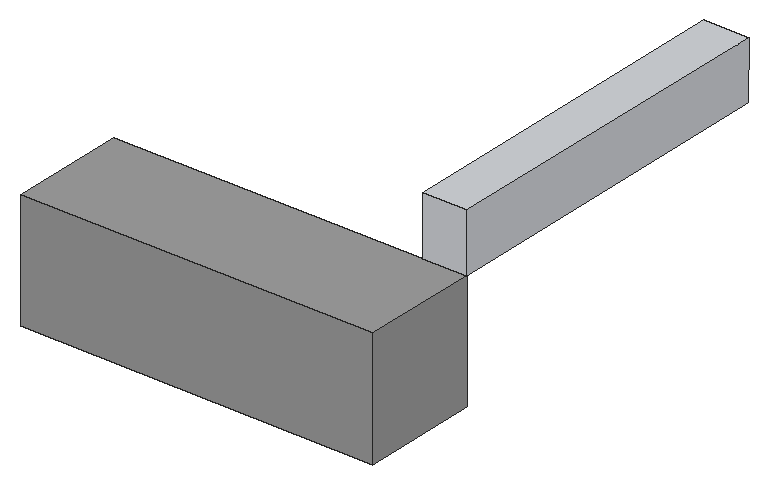
Revit family
Parameters
  wood = beam wood
  width = 400 mm
  height = 400 mm
  built-in parameter 1001306 [instance] = 1200 mm
Reference planes
  plane 1 "Center (Front/Back)": y = 0
  plane 2: z = 0
  plane 3 "Left": x = 0
  plane 4 "Right": x = 1200
  plane 5: y = 200
  plane 6: y = -200
  plane 7: z = 400
Forms (mm)
  Extrusion 1, solid, material "beam wood" <- "wood"
    sketch origin (0, 0, 0) x (1, 0, 0) y (0, 1, 0)
      loop
        line (0, 200) -> (0, -200) -> (1200, -200) -> (1200, 200) -> (0, 200)
    from 0 to 400
Lines and regions (mm)
  reference lines
    curve 1: line (0, 0, 0) -> (1200, 0, 0)
Dimensions and locks
  "built-in parameter 1001306": plane 3 "Left" to plane 4 "Right"
  "width": plane 5 to plane 6
  "height": plane 7 to level
  aligned and locked: plane 4 "Right" to curve 1
  aligned and locked: plane 1 "Center (Front/Back)" to curve 1
  aligned and locked: plane 3 "Left" to curve 1
  aligned and locked: level to plane 2
  aligned and locked: Extrusion 1 sketch curve to plane 5
  aligned and locked: plane 3 "Left" to Extrusion 1 sketch curve
  aligned and locked: Extrusion 1 sketch curve to plane 6
  aligned and locked: Extrusion 1 sketch curve to plane 4 "Right"
  aligned and locked: plane 7 to Extrusion 1
Nested families
  nested 1: "travetto" at (1125, 200, 400) x (0, 1, 0) z (0, 0, 1), type "travetto"
    with built-in parameter 1001306 1200 mm
Definition of nested family "travetto"
  Parameters (values of type "travetto")
    wood = none
    width = 150 mm
    height = 200 mm
    built-in parameter 1001306 [instance] = 1200 mm
  Reference planes
    plane 1 "Center (Front/Back)": y = 0
    plane 2: z = 0
    plane 3 "Left": x = 0
    plane 4 "Right": x = 1200
    plane 5: y = 75
    plane 6: y = -75
    plane 7: z = 200
  Forms (mm)
    Extrusion 1, solid, material <- "wood"
      sketch origin (0, 0, 0) x (0, 1, 0) y (0, 0, 1)
        loop
          line (75, 200) -> (-75, 200) -> (-75, 0) -> (75, 0) -> (75, 200)
      from 0 to 1200
  Lines and regions (mm)
    reference lines
      curve 1: line (0, 0, 0) -> (1200, 0, 0)
  Dimensions and locks
    "built-in parameter 1001306": plane 3 "Left" to plane 4 "Right"
    "width": plane 5 to plane 6
    plane 5 to plane 6 = 150 mm
    "height": plane 7 to level
    aligned and locked: plane 4 "Right" to curve 1
    aligned and locked: plane 1 "Center (Front/Back)" to curve 1
    aligned and locked: plane 3 "Left" to curve 1
    aligned and locked: level to plane 2
    aligned and locked: Extrusion 1 to curve 1
  Automatic sketch dimensions
    Extrusion 1 sketch curve to plane 6 = 0 mm
    Extrusion 1 sketch curve to level = 0 mm
    Extrusion 1 sketch curve to plane 5 = 0 mm
    Extrusion 1 sketch curve to plane 7 = 0 mm
